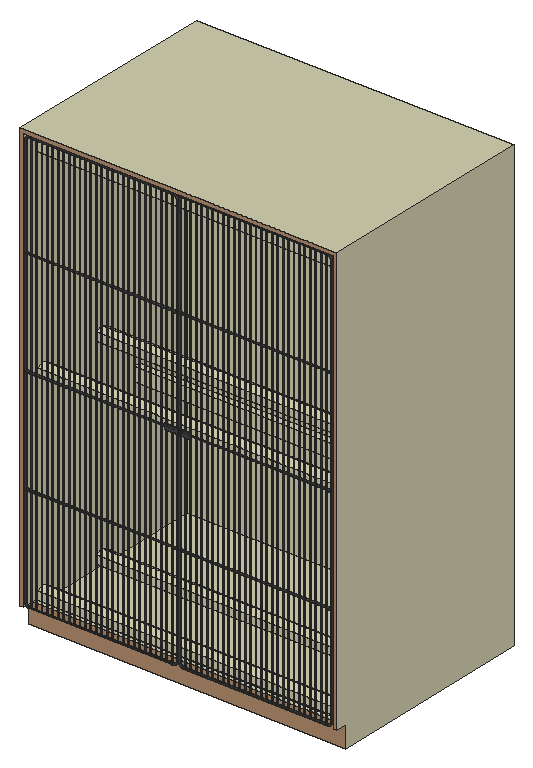
Revit family "Cabinet_Wenger_UltraStor_42", category Furniture, Revit 2015
Parameters (values of type "Acoustic Cabinet #42 - Grille Door")
  URL = "https://www.wengercorp.com/"
  Type Comments = ""
  Toe Kick Material [instance] = Wenger Cherry (Use Cherry Edge Band Only)
  Specification = "http://www.arcat.com/sdspecs/htm04/12_35_83wen.htm"
  Sales Information = "https://www.wengercorp.com/contact-us.php"
  Revision = "R1_2018-04"
  Rear Panel Thickness = 0' - 3 1/4"
  RH End Panel [instance] = no
  Product Data = "http://www.arcat.com/arcatcos/cos36/arc36487.html"
  Model = "#42A"
  Manufacturer Website = "https://www.wengercorp.com/"
  Manufacturer Phone - Toll Free = "800-4WENGER"
  Manufacturer Phone = "(507) 455-4100"
  Manufacturer Fax = "(507) 455-4258"
  Manufacturer Address = "555 Park Dr., Owatonna, MN 55060"
  Manufacturer = "Wenger Corporation"
  LH End Panel [instance] = no
  Keynote = "12 35 83"
  Interior [instance] = Guitar : Guitar
  HasDoors = yes
  Green Building-LEED = "http://www.arcat.com/green/clients/leed_data_36487.html"
  End Panel Material [instance] = Wenger Cherry (Use Cherry Edge Band Only)
  Edge Banding Material [instance] = Wenger Cherry (Use Cherry Edge Band Only)
  Drawn By = "Sumex Design, Inc. / Robert S. Weygant, CSI, CDT, SCIP"
  Door Width = ((Cabinet Width - 0' 1 1/2") / 2) - 0' 0 1/16"  # 2' - 5 7/16"
  Door Style = Door_FullHt : Bars
  Door Material [instance] = Painted Black
  Door Height = Cabinet Height - 0' 4 3/4"  # 6' - 8 7/8"
  Description = "Wenger Acoustic Cabinet #42 - Comp Grille Doors"
  Cost = 0
  Copyright = "© 2018 Arcat Inc."
  Construction Details = "http://www.arcat.com/details/wengerco/wengerco.html?coid=36487"
  Cabinet Width = 5' - 0 1/2"
  Cabinet Height = 7' - 1 5/8"
  Installed Depth = 3' - 6"
  Cabinet Back Thickness = 0' - 3 1/4"
  Body Material [instance] = Wenger - Oyster
  Assembly Code = "E2010200"
Types (6): name | Rear Panel Thickness | Model | Interior | HasDoors | Door Style | Door Material | Description | Installed Depth
  Acoustic Cabinet #42 - Grille Door | 0' - 3 1/4" | "#42A" | Guitar : Guitar | yes | Door_FullHt : Bars | Painted Black | "Wenger Acoustic Cabinet #42 - Comp Grille Doors" | 3' - 6"
  Acoustic Cabinet #42 - Waterfall Door | 0' - 3 1/4" | "#42A" | Bass : Bass | yes | Door_FullHt : Waterfall | Painted Black | "Wenger Acoustic Cabinet #42 - Comp Waterfall Grille Doors" | 3' - 6"
  Acoustic Cabinet #42 - No Door | 0' - 3 1/4" | "#42A" | Bass : Bass | no | Door_FullHt : Solid Door | none | "Wenger Acoustic Cabinet #42 - No Doors" | 3' - 6"
  UltraStor Cabinet #42 - Grille Door | 0' - 0 3/4" | "#42" | Bass : Bass | yes | Door_FullHt : Bars | Painted Black | "Wenger UltraStor Cabinet #42 - Comp Grille Doors" | 3' - 3 1/2"
  UltraStor Cabinet #42 - Waterfall Door | 0' - 0 3/4" | "#42" | Bass : Bass | yes | Door_FullHt : Waterfall | Painted Black | "Wenger UltraStor Cabinet #42 - Comp Waterfall Grille Doors" | 3' - 3 1/2"
  UltraStor Cabinet #42 - No Door | 0' - 0 3/4" | "#42" | Bass : Bass | no | Door_FullHt : Solid Door | none | "Wenger UltraStor Cabinet #42 - No Doors" | 3' - 3 1/2"
Reference planes (in)
  plane 1 "Front": y = 0
  plane 2: z = 0
  plane 3 "Left": x = 0
  plane 4 "Right": x = 60.5
  plane 5 "Back": y = 42
  plane 6 "Top": z = 85.625
  plane 7: z = 4
  plane 8: x = 0.75
  plane 9: x = 59.75
  plane 10: z = 84.875
  plane 11: y = 38.75
  plane 12: y = 2
  plane 13: y = 0.75
  plane 14: z = 5.125
  plane 15: z = 3.125
  plane 16: y = 2.75
  plane 17: y = 3.5
Forms (in)
  Extrusion 1, solid, material "Wenger - Oyster" <- "Body Material"
    sketch origin (0, 0, 0) x (0, 1, 0) y (0, 0, 1)
      loop
        line (0, 85.625) -> (0, 4) -> (2, 4) -> (2, 0) -> (42, 0) -> (42, 85.625) -> (0, 85.625)
    from 0 to 60.5
  Extrusion 2, void
    sketch origin (0, 0, 0) x (0, 1, 0) y (0, 0, 1)
      loop
        line (3.5, 84.875) -> (3.5, 80.875) -> (2.75, 80.875) -> (2.75, 84.875) -> (0, 84.875) -> (0, 4) -> (2.75, 4) -> (2.75, 3.125) -> (38.75, 3.125) -> (38.75, 84.875) -> (3.5, 84.875)
    from 0.75 to 59.75
Cuts and joins
  Extrusion 2 cuts Extrusion 1
Lines and regions (in)
  Masking region 1
    outline origin (0, 0, 0) x (1, 0, 0) y (0, 1, 0)
      loop
        line (0, 42) -> (0, 0) -> (60.5, 0) -> (60.5, 42) -> (0, 42)
  symbolic lines
    curve 1: line (0, 42, 0) -> (60.5, 42, 0)
    curve 2: line (0, 0, 0) -> (0, 42, 0)
    curve 3: line (60.5, 0, 0) -> (0, 0, 0)
    curve 4: line (60.5, 42, 0) -> (60.5, 0, 0)
Dimensions and locks (in)
  locked: plane 3 "Left" to plane 8 at 0.75
  locked: plane 9 to plane 4 "Right" at 0.75
  "Cabinet Back Thickness": plane 5 "Back" to plane 11
  locked: plane 1 "Front" to plane 13 at 0.75
  locked: plane 1 "Front" to plane 12 at 2
  locked: plane 6 "Top" to plane 10 at 0.75
  locked: plane 14 to plane 7 at 1.125
  plane 9 to plane 3 "Left" = 4' - 11 3/4"
  "Cabinet Width": plane 3 "Left" to plane 4 "Right"
  plane 7 to level = 0' - 4"
  "Cabinet Height": plane 6 "Top" to level
  "Installed Depth": plane 1 "Front" to plane 5 "Back"
  plane 8 to plane 9 = 4' - 11"
  plane 1 "Front" to plane 16 = 0' - 2 3/4"
  locked: plane 17 to plane 16 at 0.75
  locked: plane 15 to plane 2 at 3.125
  equal spacing: plane 3 "Left", nested 3, plane 4 "Right"
  aligned and locked: Extrusion 1 sketch curve to plane 6 "Top"
  aligned and locked: Extrusion 1 sketch curve to plane 5 "Back"
  aligned and locked: Extrusion 1 sketch curve to plane 1 "Front"
  aligned and locked: Extrusion 1 sketch curve to plane 7
  aligned and locked: Extrusion 1 sketch curve to plane 12
  aligned and locked: Extrusion 1 sketch curve to level
  aligned and locked: Extrusion 1 to plane 4 "Right"
  aligned and locked: Extrusion 1 to plane 3 "Left"
  aligned and locked: Extrusion 2 sketch curve to plane 10
  aligned and locked: Extrusion 2 to plane 8
  aligned and locked: plane 3 "Left" to curve 2
  aligned and locked: curve 1 to plane 5 "Back"
  aligned and locked: plane 4 "Right" to curve 4
  aligned and locked: curve 3 to plane 1 "Front"
  aligned and locked: Extrusion 2 to plane 9
  aligned and locked: Extrusion 2 sketch curve to plane 15
  aligned and locked: plane 10 to Extrusion 2 sketch curve
  aligned and locked: Extrusion 2 sketch curve to plane 16
  aligned and locked: plane 17 to Extrusion 2 sketch curve
  aligned and locked: plane 16 to Extrusion 2 sketch curve
  aligned and locked: plane 1 "Front" to Extrusion 2 sketch curve
  aligned and locked: plane 11 to Extrusion 2 sketch curve
  aligned and locked: nested 5 to plane 7
  aligned and locked: Masking region 1 sketch curve to cut or joined group of Extrusion 1, Extrusion 2  (x4)
Automatic sketch dimensions
  Extrusion 2 sketch curve to plane 7 = 0' - 0"
  Extrusion 2 sketch curve to Extrusion 2 sketch curve = 0' - 4"
Nested families (in)
  nested 1: "LH End Panel" at (0, 27, 0) x (0, -1, 0) z (0, 0, 1), End Panel Material <- "End Panel Material", visible <- "LH End Panel", Edge Banding Material <- "Edge Banding Material", type "20x84 LH"
    with End Panel Material Wenger Cherry (Use Cherry Edge Band Only), Edge Banding Material Wenger Cherry (Use Cherry Edge Band Only), End Panel Depth 3' - 6"
  nested 2: "RH End Panel" at (61.25, 27, 0) x (0, -1, 0) z (0, 0, 1), End Panel Material <- "End Panel Material", visible <- "RH End Panel", Edge Banding Material <- "Edge Banding Material", type "20x84 RH"
    with End Panel Material Wenger Cherry (Use Cherry Edge Band Only), Edge Banding Material Wenger Cherry (Use Cherry Edge Band Only), End Panel Depth 3' - 6"
  nested 3: "Labels" at (30.25, 19.77973, 0), type "Labels"
  nested 4: "Guitar" at (60.25, 39.25, 0), type <- "Interior", type "Guitar", detail levels fine
  nested 5: "Door_FullHt" at (15.40625, 0, 4) x (1, 0, 0) z (0, -1, 0), Width <- "Door Width", type <- "Door Style", Height <- "Door Height", visible <- "HasDoors", type "Bars"
    with vBars 27, Width 2' - 5 7/16", ToeKick Height 0' - 4", MidBar yes, Height 6' - 8 7/8", HalfHt 3' - 4 3/16", BarHt 6' - 8 3/8", 2HzBars yes
  nested 6: "Door_FullHt" at (44.84375, 0, 84.875) x (-1, 0, 0) z (0, -1, 0), Width <- "Door Width", Height <- "Door Height", type <- "Door Style", visible <- "HasDoors", type "Bars"
    with vBars 27, Width 2' - 5 7/16", ToeKick Height 0' - 4", MidBar yes, Height 6' - 8 7/8", HalfHt 3' - 4 3/16", BarHt 6' - 8 3/8", 2HzBars yes
Definition of nested family "LH End Panel"
  Parameters (values of type "20x84 LH")
    End Panel Material [instance] = none
    End Panel Height = 7' - 1 5/8"
    End Panel Depth = 3' - 3 1/2"
    Edge Banding Material [instance] = none
    Default Elevation = 4' - 0"
    Assembly Code = ""
  Reference planes (in)
    plane 1 "Center (Front/Back)": y = 0
    plane 2: z = 0
    plane 3 "Center (Left/Right)": x = 0
    plane 4: x = -15
    plane 5: x = 24.5
    plane 6: z = 4
    plane 7: x = 22.5
    plane 8: z = 85.625
    plane 9: y = -0.75
  Forms (in)
    Extrusion 1, solid, material <- "End Panel Material"
      sketch origin (0, 0, 0) x (1, 0, 0) y (0, 0, 1)
        loop
          line (-15, 85.625) -> (-15, 0) -> (22.5, 0) -> (22.5, 4) -> (24.5, 4) -> (24.5, 85.625) -> (-15, 85.625)
      from 0 to 0.75
  Dimensions and locks (in)
    locked: plane 7 to plane 5 at 2
    locked: plane 6 to level at 4
    "End Panel Height": plane 8 to level
    "End Panel Depth": plane 5 to plane 4
    locked: plane 9 to plane 1 "Center (Front/Back)" at 0.75
    aligned and locked: plane 4 to Extrusion 1 sketch curve
    aligned and locked: level to Extrusion 1 sketch curve
    aligned and locked: plane 7 to Extrusion 1 sketch curve
    aligned and locked: plane 6 to Extrusion 1 sketch curve
    aligned and locked: Extrusion 1 sketch curve to plane 5
    aligned and locked: Extrusion 1 sketch curve to plane 8
    aligned and locked: Extrusion 1 to plane 9
    aligned and locked: Extrusion 1 to plane 1 "Center (Front/Back)"
Definition of nested family "RH End Panel"
  Parameters (values of type "20x84 RH")
    End Panel Material [instance] = none
    End Panel Height = 7' - 1 5/8"
    End Panel Depth = 3' - 3 1/2"
    Edge Banding Material [instance] = none
    Default Elevation = 4' - 0"
    Assembly Code = ""
  Reference planes (in)
    plane 1 "Center (Front/Back)": y = 0
    plane 2: z = 0
    plane 3 "Center (Left/Right)": x = 0
    plane 4: x = -15
    plane 5: x = 24.5
    plane 6: z = 4
    plane 7: x = 22.5
    plane 8: z = 85.625
    plane 9: y = -0.75
  Forms (in)
    Extrusion 1, solid, material <- "End Panel Material"
      sketch origin (0, 0, 0) x (1, 0, 0) y (0, 0, 1)
        loop
          line (-15, 85.625) -> (-15, 0) -> (22.5, 0) -> (22.5, 4) -> (24.5, 4) -> (24.5, 85.625) -> (-15, 85.625)
      from 0 to 0.75
  Dimensions and locks (in)
    locked: plane 7 to plane 5 at 2
    locked: plane 6 to level at 4
    "End Panel Height": plane 8 to level
    "End Panel Depth": plane 5 to plane 4
    locked: plane 9 to plane 1 "Center (Front/Back)" at 0.75
    aligned and locked: plane 4 to Extrusion 1 sketch curve
    aligned and locked: level to Extrusion 1 sketch curve
    aligned and locked: plane 7 to Extrusion 1 sketch curve
    aligned and locked: plane 6 to Extrusion 1 sketch curve
    aligned and locked: Extrusion 1 sketch curve to plane 5
    aligned and locked: Extrusion 1 sketch curve to plane 8
    aligned and locked: Extrusion 1 to plane 9
    aligned and locked: Extrusion 1 to plane 1 "Center (Front/Back)"
Definition of nested family "Guitar"
  Parameters (values of type "Guitar")
    Material = none
    Assembly Code = ""
  Reference planes (in)
    plane 1 "Center Front/Back": y = 0
    plane 2: z = 0
    plane 3 "Center Left/Right": x = 0
    plane 4: y = -34.868
    plane 5: y = -20.868
    plane 6 "Right": x = -0.75
    plane 7: x = -59.5
    plane 8: z = 4.6868
    plane 9: z = 33.8327
    plane 10: z = 31.3327
    plane 11: y = -13.375
    plane 12: y = -11.875
    plane 13: z = 42.8238
    plane 14: z = 68.8327
    plane 15: z = 71.3327
  Forms (in)
    Extrusion 1, solid, material <- "Material"
      sketch origin (0, 0, 0) x (0, 1, 0) y (0, 0, 1)
        loop
          line (-13.375, 33.8327) -> (-13.375, 31.3327) -> (-11.875, 31.3327) -> (-11.875, 33.8327) -> (-13.375, 33.8327)
        loop
          line (-13.375, 71.3327) -> (-13.375, 68.8327) -> (-11.875, 68.8327) -> (-11.875, 71.3327) -> (-13.375, 71.3327)
      from -59.5 to -0.75
    Extrusion 2, solid, material <- "Material"
      sketch origin (-0.75, 0, 0) x (0, 1, 0) y (0, 0, 1)
        loop
          line (-34.8693, 3.24193) -> (-33.618, 3.96436) -> (-33.618, 5.40924) -> (-34.8693, 6.13167) -> (-36.12059, 5.40924) -> (-36.12059, 3.96436) -> (-34.8693, 3.24193)
        loop
          line (-20.8693, 3.24193) -> (-19.618, 3.96436) -> (-19.618, 5.40924) -> (-20.8693, 6.13167) -> (-22.12059, 5.40924) -> (-22.12059, 3.96436) -> (-20.8693, 3.24193)
        loop
          line (-34.8693, 41.38196) -> (-33.618, 42.1044) -> (-33.618, 43.54927) -> (-34.8693, 44.27171) -> (-36.12059, 43.54927) -> (-36.12059, 42.1044) -> (-34.8693, 41.38196)
        loop
          line (-20.8693, 41.38196) -> (-19.618, 42.1044) -> (-19.618, 43.54927) -> (-20.8693, 44.27171) -> (-22.12059, 43.54927) -> (-22.12059, 42.1044) -> (-20.8693, 41.38196)
      from -58.75 to 0
  Dimensions and locks (in)
    locked: plane 6 "Right" to plane 3 "Center Left/Right" at 0.75
    locked: plane 7 to plane 6 "Right" at 58.75
    locked: plane 8 to plane 2 at 4.6868
    plane 12 to plane 1 "Center Front/Back" = 0' - 11 7/8"
    locked: plane 11 to plane 12 at 1.5
    locked: plane 9 to plane 10 at 2.5
    plane 9 to plane 2 = 2' - 9.8327"
    locked: plane 15 to plane 14 at 2.5
    plane 4 to plane 1 "Center Front/Back" = 2' - 10.868"
    locked: plane 4 to plane 5 at 14
    plane 15 to plane 9 = 3' - 1 1/2"
    plane 13 to plane 8 = 3' - 2.137"
    aligned and locked: plane 11 to Extrusion 1 sketch curve  (x2)
    aligned and locked: Extrusion 1 sketch curve to plane 9
    aligned and locked: plane 10 to Extrusion 1 sketch curve
    aligned and locked: Extrusion 1 sketch curve to plane 12  (x2)
    aligned and locked: Extrusion 1 to plane 7
    aligned and locked: plane 6 "Right" to Extrusion 1
    aligned and locked: plane 6 "Right" to Extrusion 2
    aligned and locked: Extrusion 2 to plane 7
    aligned and locked: Extrusion 1 sketch curve to plane 15
    aligned and locked: plane 14 to Extrusion 1 sketch curve
Definition of nested family "Door_FullHt"
  Parameters (values of type "Waterfall")
    vBars [instance] = (Width - 0' 2") / 0' 1"  # 6
    Width [instance] = 0' - 8"
    ToeKick Height [instance] = 0' - 4"
    Thickness = 0' - 0 3/4"
    Solid Door = no
    Shelf Thickness = 0' - 0 3/4"
    Panel Thickness = 0' - 0 3/4"
    MidBar [instance] = and(Height > 3' 6", HasDoor, not(Solid Door))  # no
    Height [instance] = 1' - 2 5/8"
    HasDoor = yes
    HalfHt [instance] = Height / 2 - 0' 0 1/4"  # 0' - 7 1/16"
    Edge Banding = none
    DoorGap = 0' - 0 1/8"
    Door Finish = none
    Depth = 2' - 0"
    Default Elevation = 4' - 0"
    Bars = yes
    BarStyle = Bars : Waterfall
    BarHt [instance] = Height - 0' 0 1/2"  # 1' - 2 1/8"
    2HzBars [instance] = and(Height > 1' 6", not(Solid Door))  # no
  Types (3): name | Thickness | Solid Door | Bars | BarStyle
    Solid Door | 0' - 0 3/4" | yes | no | Bars : Waterfall
    Bars | 0' - 0 1/4" | no | yes | Bars : Straight
    Waterfall | 0' - 0 3/4" | no | yes | Bars : Waterfall
  Reference planes (in)
    plane 1 "Center (Front/Back)": y = 0
    plane 2: z = 0
    plane 3 "Center (Left/Right)": x = 0
    plane 4: x = -4
    plane 5: y = 14.625
    plane 6: x = 4
    plane 7: z = -0.75
    plane 8: x = -3.875
    plane 9: x = 3.875
    plane 10: y = 0.125
    plane 11: y = 14.5
    plane 12: y = -0.75
    plane 13 "CL Elev": y = 7.3125
    plane 14: x = -3.75
    plane 15: x = 3.75
    plane 16 "BtmRail": y = 0.25
    plane 17: y = 14.375
    plane 18: z = -0.125
    plane 19: x = -2.75
    plane 20: x = 2.75
    plane 21: y = 10.96875
    plane 22: y = 3.65625
  Forms (in)
    Extrusion 1, solid, material <- "Door Finish", visible <- "Solid Door", detail levels medium+fine
      sketch origin (0, 0, 0) x (1, 0, 0) y (0, 1, 0)
        loop
          arc (-3.75, 14.5) -> (-3.83839, 14.46339) -> (-3.875, 14.375) r 0.125
          line (-3.875, 14.375) -> (-3.875, 0.25)
          arc (-3.875, 0.25) -> (-3.83839, 0.16161) -> (-3.75, 0.125) r 0.125
          line (-3.75, 0.125) -> (3.75, 0.125)
          arc (3.75, 0.125) -> (3.83839, 0.16161) -> (3.875, 0.25) r 0.125
          line (3.875, 0.25) -> (3.875, 14.375)
          arc (3.875, 14.375) -> (3.83839, 14.46339) -> (3.75, 14.5) r 0.125
          line (3.75, 14.5) -> (-3.75, 14.5)
      from 0 to -0.75
    Sweep 2, solid, material <- "Door Finish", visible <- "Bars", detail levels medium+fine
      path origin (0, 0, 0) x (1, 0, 0) y (0, 1, 0)
        loop
          arc (-3.125, 14.5) -> (-3.65533, 14.28033) -> (-3.875, 13.75) r 0.75
          line (-3.875, 13.75) -> (-3.875, 0.875)
          arc (-3.875, 0.875) -> (-3.65533, 0.34467) -> (-3.125, 0.125) r 0.75
          line (-3.125, 0.125) -> (3.125, 0.125)
          arc (3.125, 0.125) -> (3.65533, 0.34467) -> (3.875, 0.875) r 0.75
          line (3.875, 0.875) -> (3.875, 13.75)
          arc (3.875, 13.75) -> (3.65533, 14.28033) -> (3.125, 14.5) r 0.75
          line (3.125, 14.5) -> (-3.125, 14.5)
      profile origin (0, 14.5, 0) x (0, 1, 0) y (0, 0, 1)
        loop
          circle (-0.125, -0.125) r 0.125
    Extrusion 3, solid, material <- "Door Finish", visible <- "MidBar", detail levels medium+fine
      sketch origin (0, 0, 0) x (0, 1, 0) y (0, 0, 1)
        loop
          circle (7.3125, -0.125) r 0.125
      from -3.75 to 3.75
    Extrusion 4, solid, visible <- "HasDoor", detail levels fine
      sketch origin (0, 0, 0) x (1, 0, 0) y (0, 1, 0)
        loop
          line (1.5, 7.8125) -> (1.5, 6.8125) -> (4.5, 6.8125) -> (4.5, 7.8125) -> (1.5, 7.8125)
      from 0 to 0.125
    Extrusion 5, solid, material <- "Door Finish", visible <- "2HzBars", detail levels medium+fine
      sketch origin (0, 0, 0) x (0, 1, 0) y (0, 0, 1)
        loop
          circle (10.96875, -0.125) r 0.125
        loop
          circle (3.65625, -0.125) r 0.125
      from -3.75 to 3.75
  Lines and regions (in)
    symbolic lines, visible <- "HasDoor", detail levels medium+fine
      curve 1: line (4, 0.25, 0) -> (-4, 0.25, 0)
      curve 2: line (-4, 0.25, 0) -> (-4, 0.25, 8)
      curve 3: arc (4, 0.25, 0) -> (1.65685, 0.25, 5.65685) -> (-4, 0.25, 8) r 8
    symbolic lines, visible <- "HasDoor"
      curve 4: line (3.875, 0.25, 0) -> (3.875, 0.25, -0.75)
      curve 5: line (3.875, 0.25, -0.75) -> (-3.875, 0.25, -0.75)
      curve 6: line (-3.875, 0.25, -0.75) -> (-3.875, 0.25, 0)
    symbolic lines, detail levels medium
      curve 7: line (3.875, 14.5, 0) -> (-3.875, 7.3125, 0)
      curve 8: line (-3.875, 7.3125, 0) -> (3.875, 0.125, 0)
  Dimensions and locks (in)
    "Height": plane 1 "Center (Front/Back)" to plane 5
    "Thickness": level to plane 7
    equal spacing: plane 4, plane 3 "Center (Left/Right)", plane 6
    "Width": plane 4 to plane 6
    "DoorGap": plane 5 to plane 11
    "DoorGap": plane 9 to plane 6
    "DoorGap": plane 4 to plane 8
    "DoorGap": plane 1 "Center (Front/Back)" to plane 10
    "Shelf Thickness": plane 1 "Center (Front/Back)" to plane 12
    equal spacing: plane 1 "Center (Front/Back)", plane 22, plane 13 "CL Elev", plane 21, plane 5
    locked: plane 15 to plane 9 at 0.125
    locked: plane 8 to plane 14 at 0.125
    locked: plane 11 to plane 17 at 0.125
    locked: plane 16 "BtmRail" to plane 10 at 0.125
    locked: level to plane 18 at 0.125
    plane 19 to plane 14 = 0' - 1"
    locked: plane 15 to plane 20 at 1
    Extrusion 4 sketch curve to plane 13 "CL Elev" to Extrusion 4 sketch curve = 0' - 0 1/2" locked, 0' - 0 1/2" locked
    locked: plane 6 to Extrusion 4 sketch curve at 0.5
    locked: Extrusion 4 sketch curve to plane 6 at 2.5
    locked: Extrusion 4 to level at 0.125
    equal spacing: group 1, group 3, group 4, group 5, group 6, group 2  (x3)
    equal spacing: group 7, group 9, group 10, group 11, group 12, group 8  (x2)
    equal spacing: group 8, group 12, group 11, group 10, group 9, group 7
    "Width": radius of curve 3
    aligned and locked: plane 2 to level
    aligned and locked: Extrusion 1 sketch curve to plane 11
    aligned and locked: plane 8 to Extrusion 1 sketch curve
    aligned and locked: Extrusion 1 sketch curve to plane 9
    aligned and locked: plane 10 to Extrusion 1 sketch curve
    aligned and locked: Extrusion 1 to plane 7
    aligned and locked: level to Extrusion 1
    aligned and locked: Sweep 2 sketch curve to plane 11
    aligned and locked: plane 8 to Sweep 2 sketch curve
    aligned and locked: plane 10 to Sweep 2 sketch curve
    aligned and locked: Sweep 2 sketch curve to plane 9
    aligned and locked: plane 15 to Extrusion 3
    aligned and locked: Extrusion 3 to plane 14
    aligned and locked: plane 20 to nested 2
    aligned and locked: plane 19 to nested 1
    aligned and locked: plane 21 to Extrusion 5 sketch curve
    aligned and locked: plane 18 to Extrusion 5 sketch curve  (x2)
    aligned and locked: plane 22 to Extrusion 5 sketch curve
    aligned and locked: Extrusion 5 to Extrusion 3  (x2)
    aligned and locked: plane 4 to curve 3  (x2)
    aligned and locked: level to curve 3
    aligned and locked: plane 7 to curve 5
    aligned and locked: Extrusion 1 to plane 8
    aligned and locked: plane 9 to Extrusion 1
    aligned and locked: plane 10 to curve 8
    aligned and locked: plane 9 to curve 8
    aligned and locked: plane 13 "CL Elev" to curve 8
    aligned and locked: plane 11 to curve 7
    aligned and locked: plane 9 to curve 7
    aligned and locked: plane 19 to nested 7
    aligned and locked: plane 13 "CL Elev" to nested 7
    aligned and locked: plane 20 to nested 8
    aligned and locked: plane 13 "CL Elev" to nested 8
    aligned and locked: plane 18 to nested 7
    aligned and locked: plane 18 to nested 9
  Automatic sketch dimensions
    plane 8 to Sweep 2 sketch curve = 0' - 0 3/4"  (x2)
    Sweep 2 sketch curve to plane 9 = 0' - 0 3/4"
    Sweep 2 sketch curve to Sweep 2 sketch curve = 0' - 0 3/4"
    Sweep 2 sketch curve to level = 0' - 0 1/8"
    profile plane to Sweep 2 sketch curve = 0' - 0 1/8"
    Extrusion 3 sketch curve to level = 0' - 0 1/8"
    Extrusion 3 sketch curve to plane 13 "CL Elev" = 0' - 0"
    curve 8 to plane 8 = 0' - 0"
    Extrusion 1 sketch curve to plane 14 = 0' - 0"  (x2)
    Extrusion 1 sketch curve to plane 15 = 0' - 0"  (x2)
    curve 5 to plane 9 = 0' - 0"
    curve 6 to plane 8 = 0' - 0"
    radius of Sweep 2 sketch curve = 0' - 0 1/8"
    radius of Extrusion 3 sketch curve = 0' - 0 1/8"
    radius of Extrusion 5 sketch curve = 0' - 0 1/8"  (x2)
  Nested families (in)
    nested 1: "Bars" at (-2.75, 0.25, -0.125) x (1, 0, 0) z (0, 1, 0), type <- "BarStyle", visible <- "Bars", type "Waterfall", detail levels fine
    nested 2: "Bars" at (2.75, 0.25, -0.125) x (1, 0, 0) z (0, 1, 0), type <- "BarStyle", visible <- "Bars", type "Waterfall", detail levels fine
    nested 3: "Bars" at (-1.65, 0.25, -0.125) x (1, 0, 0) z (0, 1, 0), type <- "BarStyle", visible <- "Bars", type "Waterfall", detail levels fine
    nested 4: "Bars" at (-0.55, 0.25, -0.125) x (1, 0, 0) z (0, 1, 0), type <- "BarStyle", visible <- "Bars", type "Waterfall", detail levels fine
    nested 5: "Bars" at (0.55, 0.25, -0.125) x (1, 0, 0) z (0, 1, 0), type <- "BarStyle", visible <- "Bars", type "Waterfall", detail levels fine
    nested 6: "Bars" at (1.65, 0.25, -0.125) x (1, 0, 0) z (0, 1, 0), type <- "BarStyle", visible <- "Bars", type "Waterfall", detail levels fine
    nested 7: "Bars" at (-2.75, 7.3125, -0.125) x (1, 0, 0) z (0, 1, 0), type <- "BarStyle", visible <- "Bars", type "Waterfall"
    nested 8: "Bars" at (2.75, 7.3125, -0.125) x (1, 0, 0) z (0, 1, 0), type <- "BarStyle", visible <- "Bars", type "Waterfall"
    nested 9: "Bars" at (-1.65, 7.3125, -0.125) x (1, 0, 0) z (0, 1, 0), type <- "BarStyle", visible <- "Bars", type "Waterfall"
    nested 10: "Bars" at (-0.55, 7.3125, -0.125) x (1, 0, 0) z (0, 1, 0), type <- "BarStyle", visible <- "Bars", type "Waterfall"
    nested 11: "Bars" at (0.55, 7.3125, -0.125) x (1, 0, 0) z (0, 1, 0), type <- "BarStyle", visible <- "Bars", type "Waterfall"
    nested 12: "Bars" at (1.65, 7.3125, -0.125) x (1, 0, 0) z (0, 1, 0), type <- "BarStyle", visible <- "Bars", type "Waterfall"
  Definition of nested family "Bars"
    Parameters (values of type "Straight")
      WaterFall = no
      Straight = yes
      Lateral Deviation = 0' - 1"
      Height = 0' - 7 1/16"
      Default Elevation = 4' - 0"
      Bars = none
    Types (2): name | WaterFall | Straight
      Waterfall | yes | no
      Straight | no | yes
    Reference planes (in)
      plane 1 "Center (Front/Back)": y = 0
      plane 2: z = 0
      plane 3 "Center (Left/Right)": x = 0
      plane 4: z = 7.0625
      plane 5: z = 3.53125
      plane 6: x = 0.5
      plane 7: x = -0.5
      plane 8: z = 5.29687
      plane 9: z = 1.76562
    Forms (in)
      Sweep 1, solid, material <- "Bars", visible <- "WaterFall", detail levels fine
        path origin (0, 0, 0) x (1, 0, 0) y (0, 0, 1)
          loop
            arc (0, 0) -> (0.37259, 0.8481) -> (0.5, 1.76563) r 3.36743
            arc (0.5, 1.76563) -> (0.37259, 2.68315) -> (0, 3.53125) r 3.36743
        profile origin (0.37259, 0, 0.8481) x (-0.962164, 0, 0.272471) y (0, -1, 0)
          loop
            circle (0, 0) r 0.0625
      Sweep 2, solid, material <- "Bars", visible <- "WaterFall", detail levels fine
        path origin (0, 0, 14.625) x (-1, 0, 0) y (0, 0, -1)
          loop
            arc (0, 7.5625) -> (0.37259, 8.4106) -> (0.5, 9.32812) r 3.36743
            arc (0.5, 9.32812) -> (0.37259, 10.24565) -> (0, 11.09375) r 3.36743
        profile origin (-0.37259, 0, 6.2144) x (0.962164, 0, -0.272471) y (0, -1, 0)
          loop
            circle (0, 0) r 0.0625
      Extrusion 3, solid, material <- "Bars", visible <- "Straight", detail levels fine
        sketch origin (0, 0, 0) x (1, 0, 0) y (0, 1, 0)
          loop
            circle (0, 0) r 0.0625
        from 0 to 7.0625
    Dimensions and locks (in)
      "Height": plane 4 to level
      equal spacing: plane 6, plane 3 "Center (Left/Right)", plane 7
      "Lateral Deviation": plane 6 to plane 7
      equal spacing: plane 4, plane 8, plane 5, plane 9, level
      aligned and locked: plane 2 to level
      aligned and locked: plane 3 "Center (Left/Right)" to Sweep 1 sketch curve  (x2)
      aligned and locked: level to Sweep 1 sketch curve
      aligned and locked: plane 6 to Sweep 1 sketch curve
      aligned and locked: plane 9 to Sweep 1 sketch curve
      aligned and locked: plane 4 to Sweep 2 sketch curve
      aligned and locked: plane 3 "Center (Left/Right)" to Sweep 2 sketch curve  (x2)
      aligned and locked: plane 8 to Sweep 2 sketch curve
      aligned and locked: plane 7 to Sweep 2 sketch curve
      aligned and locked: plane 5 to Sweep 2 sketch curve
      aligned and locked: plane 4 to Extrusion 3
      aligned and locked: Extrusion 3 to level
    Automatic sketch dimensions
      plane 1 "Center (Front/Back)" to Sweep 1 sketch curve = 0' - 0"
      Sweep 1 sketch curve to profile plane = 0' - 0"
      Sweep 1 sketch curve to Sweep 1 sketch curve = 0' - 0"
      Sweep 2 sketch curve to plane 1 "Center (Front/Back)" = 0' - 0"
      Sweep 2 sketch curve to profile plane = 0' - 0"
      plane 1 "Center (Front/Back)" to Extrusion 3 sketch curve = 0' - 0"
      Extrusion 3 sketch curve to plane 3 "Center (Left/Right)" = 0' - 0"
      radius of Sweep 1 sketch curve = 0' - 0 1/16"
      radius of Sweep 2 sketch curve = 0' - 0 1/16"
      radius of Extrusion 3 sketch curve = 0' - 0 1/16"
Definition of nested family "Labels"
  Parameters
    Cabinet Label = "01"
  Reference planes (in)
    plane 1: y = 0
    plane 2: x = 0
  Text (in)
    label "xxxx" at (-0.00018, 0.00754, 0), shows "Cabinet Label"
